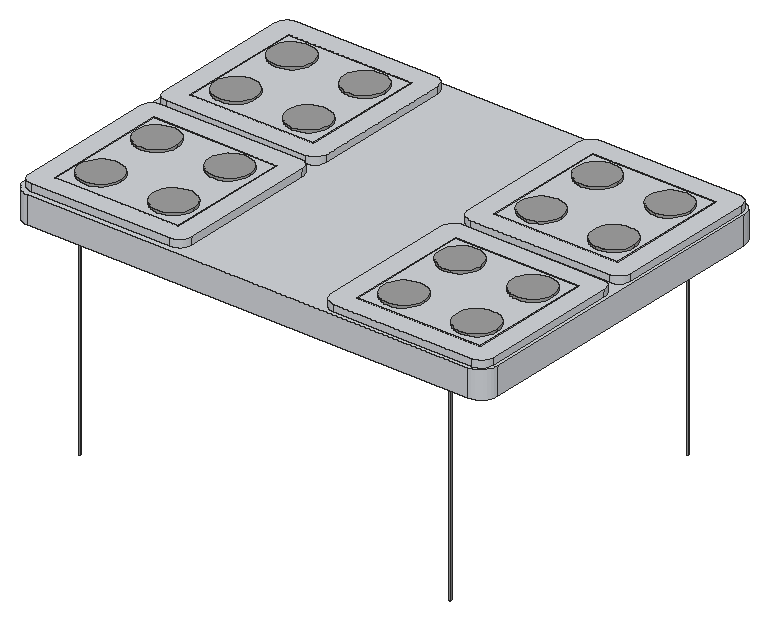
Revit family "Lighting-Industriale-GEWISS-SMART[4]HE_APPARECCHI-LED_4M", category Apparecchi per illuminazione, Revit 2019
Family settings
  Quota connettore circolare = Usa diametro
  Tipo di parte = Normale
  Numero OmniClass = 23.80.70.00
  Titolo OmniClass = Lighting
  Basato su piano di lavoro = Sì
  Sempre verticale = No
  Taglio con vuoti quando caricato = No
  Sorgente d'illuminazione = No
  Condiviso = No
  Punto di calcolo locali = No
Parameters (values of type "GWS4422AQ857 - SMART4HB 4M C.PAS.ON/OFF ELL.57K")
  Voltaggio = 230 V
  Viti esterne = "Acciaio inox"
  Versione file RFA = "20.11"
  Vano di alimentazione = "Integrato"
  URL = "https://www.gewiss.com/it/it"
  Tolleranza cromatica = "SDCM = 3"
  Tipologia sorgente luminosa = "LED - Non sostituibile"
  Tipo di installazione e montaggio = "Plafone - Parete - Sospensione"
  Tipo di apparecchio = "Riflettore industriale a LED&nbsp;"
  Tensione di alimentazione = "220 - 240 V"
  Temperatura di stoccaggio = "-40 +70 °C"
  Temperatura di esercizio = "-30°C ÷ +50 °C"
  Temperatura di colore = "5700K"
  Superficie massima esposta al vento : = "0,350 m²"
  Spostamento_y_etichetta [instance] = 0 mm
  Spostamento_y_effettivo_etichetta [instance] = 1500 mm - Spostamento_y_etichetta  # 1500 mm
  Spostamento_x_etichetta [instance] = 0 mm
  Spostamento_x_effettivo_etichetta [instance] = 1500 mm - Spostamento_x_etichetta  # 1500 mm
  SostituibilitÃ  piastra di cablaggio = "Non sostituibile"
  SostituibilitÃ  gruppo ottico = "Non sostituibile"
  Sistema di controllo : = "ON / OFF"
  Sistema di controllo = "ON / OFF"
  Schermo = "Vetro Temprato Spessore 4mm"
  Scheda Tecnica = "https://www.gewiss.com/it/it/search?q=GWS4422AQ857"
  SEO = "High bay"
  Resistenza al filo incandescente = "850 °C"
  Resistenza agli urti = "IK08"
  Produttore = "GEWISS S.p.A."
  Potenza di sistema = "189W"
  Peso (kg): = "13,5"
  Ottica = "Ellittica"
  Offset etichetta W [instance] = 150 mm
  Norma di riferimento = "EN 60598-1 ; EN 60598-2-1 ; EN 60598-2-24"
  Modello = "GWS4422AQ857"
  Materiali = "-"
  Lumen output (lm) = "25100"
  Lampada = "LED"
  Installazione e manutenzione = "-"
  Informazioni generali = "-"
  Indice di resa cromatica = "CRI-80"
  Inclinazione = "Con accessorio staffa"
  Immagine tipo = GWL1371.jpg
  IPEA = "-"
  IFC.TypeObject = ""
  IFC.ExportType = ""
  IFC.ExportAs = ""
  IDT = "6890b37086db4f8589ec8274e910b374"
  IDF = "bc210c77-d115-4c4c-bbce-3b3f0e3fade9"
  Guarnizioni = "tipo siliconico antinvecchiamento "
  Gruppo ottico = "Riflettore in PC metallizzato e lenti in PMMA"
  Grado di protezione = "IP66"
  Garanzia = "5 anni"
  Gancio di chiusura = "-"
  Frequenza nominale (Hz) = "50/60 Hz"
  Fissaggio = "-"
  Finitura colore = "Grigio RAL 7035"
  Etichetta wattaggio [instance] = yes
  Spessore plafoniera = 40 mm  # constant formula
  Default Elevation = 1219.2 mm
  Proiettsmart4_simb [instance] = yes
  Plafoniera_bidimensionale [instance] = not(Proiettsmart4_simb)  # no
  Efficienza luminosa (lm/W) = "133"
  Durata di vita = "L90B10 (Tq+25°C) = 70.000 h - L90B10 (Tq+50°C) = 35.000 h"
  Dispositivo di protezione = "DM 6kV / CM 6kV"
  Descrizione = "SMART[4]HB 4M C.PAS.ON/OFF ELL.57K"
  Creato da GEWISS S.p.A. = ""
  Corpo = "PA6 “Halogen Free” caricato fibra vetro"
  Controllo abbagliamento e luminanza = "-"
  Contesto = "Illuminazione di industrie e impianti sportivi di grandi dimensioni"
  Commenti sul wattaggio = "194W"
  Colore = "Grigio RAL 7035"
  Codice digitale univoco (Datamatrix) = "Datamatrix"
  Codice Electrocod = "2444"
  Classificazione: = "-"
  Classificazione = Lighting
  Classe isolamento = "I"
  Classe fotobiologica = "RG0"
  Certificazioni e classificazioni = "-"
  Certificazione DIN 18032-3 = "Con Staffa - Kit Funi + morsetto (in approvazione)"
  Catalogo = "LIGHTING"
  Carico apparente = 194 VA
  Lunghezza = 700 mm  # constant formula
  Larghezza = 504 mm  # constant formula
  Distanza_tot_plafoniera [instance] = 300 mm
  Distanza Sorg_Lum = 21.458 mm
  Caratteristiche ottiche e illuminotecniche = "-"
  Caratteristiche elettriche e gestione della luce = "-"
  Cablaggio = "Con connettore stagno Gw connect"
  COBie.Tagnumber = ""
  COBie.CreatedOn = ""
  COBie.CreatebBy = ""
  COBie.ComponentRegisterItemID = ""
  COBie.Component.TagNumber = ""
  COBie.Component.Space = ""
  COBie.Component.SerialNumber = ""
  COBie.Component.InstallationDate = ""
  COBie.Component.Description = ""
  COBie.Component.BarCode = ""
  Applicazione = "Interno"
  Apparecchio a ridotta temperatura superficiale = "Si"
  Alimentatore = "Incluso"
Types (36, lengths in mm): name | Temperatura di colore | Scheda Tecnica | SEO | Ottica | Modello | Lumen output (lm) | IDT | Gruppo ottico | Efficienza luminosa (lm/W) | Descrizione | Controllo abbagliamento e luminanza
  GWS4420AA830 - SMART4HB 4M ST.AL.ON/OFF ARR.30K | "3000K" | "https://www.gewiss.com/it/it/search?q=GWS4420AA830" | "" | "Array" | "GWS4420AA830" | "26700" | "4e0c0e58445f4e6bb806d6fc5e0ac675" | "Riflettore in PC metallizzato" | "141" | "SMART[4]HB 4M ST.AL.ON/OFF ARR.30K" | "UGR - 25"
  GWS4420AA840 - SMART4HB 4M ST.AL.ON/OFF ARR.40K | "4000K" | "https://www.gewiss.com/it/it/search?q=GWS4420AA840" | "" | "Array" | "GWS4420AA840" | "28000" | "eebb22c9028a41cf902ca09310723cf1" | "Riflettore in PC metallizzato" | "148" | "SMART[4]HB 4M ST.AL.ON/OFF ARR.40K" | "UGR - 25"
  GWS4420AA857 - SMART4HB 4M ST.AL.ON/OFF ARR.57K | "5700K" | "https://www.gewiss.com/it/it/search?q=GWS4420AA857" | "" | "Array" | "GWS4420AA857" | "28000" | "97e396ef24f74fc4aa103d35442bb234" | "Riflettore in PC metallizzato" | "148" | "SMART[4]HB 4M ST.AL.ON/OFF ARR.57K" | "UGR - 25"
  GWS4420AC830 - SMART4HB 4M ST.AL.ON/OFF ASI.30K | "3000K" | "https://www.gewiss.com/it/it/search?q=GWS4420AC830" | "High bay" | "Asimmetrica" | "GWS4420AC830" | "23900" | "178c4ecc585c4b079646763e97eabc12" | "Riflettore in PC metallizzato e lenti in PMMA" | "126" | "SMART[4]HB 4M ST.AL.ON/OFF ASI.30K" | "-"
  GWS4420AC840 - SMART4HB 4M ST.AL.ON/OFF ASI.40K | "4000K" | "https://www.gewiss.com/it/it/search?q=GWS4420AC840" | "High bay" | "Asimmetrica" | "GWS4420AC840" | "25100" | "a7922c87939b4761b0b5e7f05192ed32" | "Riflettore in PC metallizzato e lenti in PMMA" | "133" | "SMART[4]HB 4M ST.AL.ON/OFF ASI.40K" | "-"
  GWS4420AC857 - SMART4HB 4M ST.AL.ON/OFF ASI.57K | "5700K" | "https://www.gewiss.com/it/it/search?q=GWS4420AC857" | "High bay" | "Asimmetrica" | "GWS4420AC857" | "25100" | "b0c5ae25ac0848648d162299e4621cb9" | "Riflettore in PC metallizzato e lenti in PMMA" | "133" | "SMART[4]HB 4M ST.AL.ON/OFF ASI.57K" | "-"
  GWS4420AF830 - SMART4HB 4M ST.AL.ON/OFF 30° 30K | "3000K" | "https://www.gewiss.com/it/it/search?q=GWS4420AF830" | "" | "30°" | "GWS4420AF830" | "26400" | "6655a54e95824026a0f280fc267ea869" | "Riflettore in PC metallizzato e lenti in PMMA" | "140" | "SMART[4]HB 4M ST.AL.ON/OFF 30° 30K" | "UGR - 19"
  GWS4420AF840 - SMART4HB 4M ST.AL.ON/OFF 30° 40K | "4000K" | "https://www.gewiss.com/it/it/search?q=GWS4420AF840" | "" | "30°" | "GWS4420AF840" | "27700" | "3f29aacfd3434814921446541a990021" | "Riflettore in PC metallizzato e lenti in PMMA" | "147" | "SMART[4]HB 4M ST.AL.ON/OFF 30° 40K" | "UGR - 19"
  GWS4420AF857 - SMART4HB 4M ST.AL.ON/OFF 30° 57K | "5700K" | "https://www.gewiss.com/it/it/search?q=GWS4420AF857" | "" | "30°" | "GWS4420AF857" | "27700" | "44effba00e624a32b4234a9822825670" | "Riflettore in PC metallizzato e lenti in PMMA" | "147" | "SMART[4]HB 4M ST.AL.ON/OFF 30° 57K" | "UGR - 19"
  GWS4420AH830 - SMART4HB 4M ST.AL.ON/OFF 60° 30K | "3000K" | "https://www.gewiss.com/it/it/search?q=GWS4420AH830" | "" | "60°" | "GWS4420AH830" | "26800" | "03c4418b48b3449b83b7d33f23de3248" | "Riflettore in PC metallizzato e lenti in PMMA" | "142" | "SMART[4]HB 4M ST.AL.ON/OFF 60° 30K" | "UGR - 19"
  GWS4420AH840 - SMART4HB 4M ST.AL.ON/OFF 60° 40K | "4000K" | "https://www.gewiss.com/it/it/search?q=GWS4420AH840" | "" | "60°" | "GWS4420AH840" | "28100" | "a850fd89ff46449a9d2888df6548251b" | "Riflettore in PC metallizzato e lenti in PMMA" | "149" | "SMART[4]HB 4M ST.AL.ON/OFF 60° 40K" | "UGR - 19"
  GWS4420AH857 - SMART4HB 4M ST.AL.ON/OFF 60° 57K | "5700K" | "https://www.gewiss.com/it/it/search?q=GWS4420AH857" | "" | "60°" | "GWS4420AH857" | "28100" | "414549eb60ae4fccbb3a203492c0e55a" | "Riflettore in PC metallizzato e lenti in PMMA" | "149" | "SMART[4]HB 4M ST.AL.ON/OFF 60° 57K" | "UGR - 19"
  GWS4420AP830 - SMART4HB 4M ST.AL.ON/OFF 90° 30K | "3000K" | "https://www.gewiss.com/it/it/search?q=GWS4420AP830" | "" | "90°" | "GWS4420AP830" | "27000" | "d894099a77e94d10b1f8b1f7cb790c2a" | "Riflettore in PC metallizzato e lenti in PMMA" | "143" | "SMART[4]HB 4M ST.AL.ON/OFF 90° 30K" | "UGR - 22"
  GWS4420AP840 - SMART4HB 4M ST.AL.ON/OFF 90° 40K | "4000K" | "https://www.gewiss.com/it/it/search?q=GWS4420AP840" | "" | "90°" | "GWS4420AP840" | "28300" | "076409e97e7848bf9a1e53078dd3edad" | "Riflettore in PC metallizzato e lenti in PMMA" | "150" | "SMART[4]HB 4M ST.AL.ON/OFF 90° 40K" | "UGR - 22"
  GWS4420AP857 - SMART4HB 4M ST.AL.ON/OFF 90° 57K | "5700K" | "https://www.gewiss.com/it/it/search?q=GWS4420AP857" | "" | "90°" | "GWS4420AP857" | "28300" | "b214265a0707411f87f9deee16dd748b" | "Riflettore in PC metallizzato e lenti in PMMA" | "150" | "SMART[4]HB 4M ST.AL.ON/OFF 90° 57K" | "UGR - 22"
  GWS4420AQ830 - SMART4HB 4M ST.AL.ON/OFF ELL.30K | "3000K" | "https://www.gewiss.com/it/it/search?q=GWS4420AQ830" | "High bay" | "Ellittica" | "GWS4420AQ830" | "23900" | "632f0c30782e4cdb9b4834e01ced2926" | "Riflettore in PC metallizzato e lenti in PMMA" | "126" | "SMART[4]HB 4M ST.AL.ON/OFF ELL.30K" | "-"
  GWS4420AQ840 - SMART4HB 4M ST.AL.ON/OFF ELL.40K | "4000K" | "https://www.gewiss.com/it/it/search?q=GWS4420AQ840" | "High bay" | "Ellittica" | "GWS4420AQ840" | "25100" | "5ad67466323843d2ba54d098b13009bb" | "Riflettore in PC metallizzato e lenti in PMMA" | "133" | "SMART[4]HB 4M ST.AL.ON/OFF ELL.40K" | "-"
  GWS4420AQ857 - SMART4HB 4M ST.AL.ON/OFF ELL.57K | "5700K" | "https://www.gewiss.com/it/it/search?q=GWS4420AQ857" | "High bay" | "Ellittica" | "GWS4420AQ857" | "25100" | "027c7ae7cea8486b8bc057b61e3a2ead" | "Riflettore in PC metallizzato e lenti in PMMA" | "133" | "SMART[4]HB 4M ST.AL.ON/OFF ELL.57K" | "-"
  GWS4422AA830 - SMART4HB 4M C.PAS.ON/OFF ARR.30K | "3000K" | "https://www.gewiss.com/it/it/search?q=GWS4422AA830" | "" | "Array" | "GWS4422AA830" | "26700" | "8b22e811133042e980ea909df6ab79f2" | "Riflettore in PC metallizzato" | "141" | "SMART[4]HB 4M C.PAS.ON/OFF ARR.30K" | "UGR - 25"
  GWS4422AA840 - SMART4HB 4M C.PAS.ON/OFF ARR.40K | "4000K" | "https://www.gewiss.com/it/it/search?q=GWS4422AA840" | "" | "Array" | "GWS4422AA840" | "28000" | "8eb0b8cf33b64542a6d7b35aedeaaa66" | "Riflettore in PC metallizzato" | "148" | "SMART[4]HB 4M C.PAS.ON/OFF ARR.40K" | "UGR - 25"
  GWS4422AA857 - SMART4HB 4M C.PAS.ON/OFF ARR.57K | "5700K" | "https://www.gewiss.com/it/it/search?q=GWS4422AA857" | "" | "Array" | "GWS4422AA857" | "28000" | "91e29f6a44ec47b9a16c623736b8568c" | "Riflettore in PC metallizzato" | "148" | "SMART[4]HB 4M C.PAS.ON/OFF ARR.57K" | "UGR - 25"
  GWS4422AC830 - SMART4HB 4M C.PAS.ON/OFF ASI.30K | "3000K" | "https://www.gewiss.com/it/it/search?q=GWS4422AC830" | "High bay" | "Asimmetrica" | "GWS4422AC830" | "23900" | "3142d78ebb1d46dfbab2a70f300f5c55" | "Riflettore in PC metallizzato e lenti in PMMA" | "126" | "SMART[4]HB 4M C.PAS.ON/OFF ASI.30K" | "-"
  GWS4422AC840 - SMART4HB 4M C.PAS.ON/OFF ASI.40K | "4000K" | "https://www.gewiss.com/it/it/search?q=GWS4422AC840" | "High bay" | "Asimmetrica" | "GWS4422AC840" | "25100" | "98647bfbdf4b49c69d0a2e95b1cbf5c7" | "Riflettore in PC metallizzato e lenti in PMMA" | "133" | "SMART[4]HB 4M C.PAS.ON/OFF ASI.40K" | "-"
  GWS4422AC857 - SMART4HB 4M C.PAS.ON/OFF ASI.57K | "5700K" | "https://www.gewiss.com/it/it/search?q=GWS4422AC857" | "High bay" | "Asimmetrica" | "GWS4422AC857" | "25100" | "b8cad932c0fb4ff2a42ce60a6818b90a" | "Riflettore in PC metallizzato e lenti in PMMA" | "133" | "SMART[4]HB 4M C.PAS.ON/OFF ASI.57K" | "-"
  GWS4422AF830 - SMART4HB 4M C.PAS.ON/OFF 30° 30K | "3000K" | "https://www.gewiss.com/it/it/search?q=GWS4422AF830" | "" | "30°" | "GWS4422AF830" | "26400" | "8546d724cfd54ae491da9b9649650b77" | "Riflettore in PC metallizzato e lenti in PMMA" | "140" | "SMART[4]HB 4M C.PAS.ON/OFF 30° 30K" | "UGR - 19"
  GWS4422AF840 - SMART4HB 4M C.PAS.ON/OFF 30° 40K | "4000K" | "https://www.gewiss.com/it/it/search?q=GWS4422AF840" | "" | "30°" | "GWS4422AF840" | "27700" | "95b7538b05304ae78c4854f24e5e2a95" | "Riflettore in PC metallizzato e lenti in PMMA" | "147" | "SMART[4]HB 4M C.PAS.ON/OFF 30° 40K" | "UGR - 19"
  GWS4422AF857 - SMART4HB 4M C.PAS.ON/OFF 30° 57K | "5700K" | "https://www.gewiss.com/it/it/search?q=GWS4422AF857" | "" | "30°" | "GWS4422AF857" | "27700" | "1f2e8678abd84da4a6f1a904af53c362" | "Riflettore in PC metallizzato e lenti in PMMA" | "147" | "SMART[4]HB 4M C.PAS.ON/OFF 30° 57K" | "UGR - 19"
  GWS4422AH830 - SMART4HB 4M C.PAS.ON/OFF 60° 30K | "3000K" | "https://www.gewiss.com/it/it/search?q=GWS4422AH830" | "" | "60°" | "GWS4422AH830" | "26800" | "ac560f6d22e54929b93ddfee17664fda" | "Riflettore in PC metallizzato e lenti in PMMA" | "142" | "SMART[4]HB 4M C.PAS.ON/OFF 60° 30K" | "UGR - 19"
  GWS4422AH840 - SMART4HB 4M C.PAS.ON/OFF 60° 40K | "4000K" | "https://www.gewiss.com/it/it/search?q=GWS4422AH840" | "" | "60°" | "GWS4422AH840" | "28100" | "54a1c7a100534ebc9aca0c4b3dc0a3a5" | "Riflettore in PC metallizzato e lenti in PMMA" | "149" | "SMART[4]HB 4M C.PAS.ON/OFF 60° 40K" | "UGR - 19"
  GWS4422AH857 - SMART4HB 4M C.PAS.ON/OFF 60° 57K | "5700K" | "https://www.gewiss.com/it/it/search?q=GWS4422AH857" | "" | "60°" | "GWS4422AH857" | "28100" | "efeab08673814a45a9bdc8e99e1c43ac" | "Riflettore in PC metallizzato e lenti in PMMA" | "149" | "SMART[4]HB 4M C.PAS.ON/OFF 60° 57K" | "UGR - 19"
  GWS4422AP830 - SMART4HB 4M C.PAS.ON/OFF 90° 30K | "3000K" | "https://www.gewiss.com/it/it/search?q=GWS4422AP830" | "" | "90°" | "GWS4422AP830" | "27000" | "11747a9312a541eaa74cc63dee50071f" | "Riflettore in PC metallizzato e lenti in PMMA" | "143" | "SMART[4]HB 4M C.PAS.ON/OFF 90° 30K" | "UGR - 22"
  GWS4422AP840 - SMART4HB 4M C.PAS.ON/OFF 90° 40K | "4000K" | "https://www.gewiss.com/it/it/search?q=GWS4422AP840" | "" | "90°" | "GWS4422AP840" | "28300" | "00d7957bae114ae484ba73a11ac64616" | "Riflettore in PC metallizzato e lenti in PMMA" | "150" | "SMART[4]HB 4M C.PAS.ON/OFF 90° 40K" | "UGR - 22"
  GWS4422AP857 - SMART4HB 4M C.PAS.ON/OFF 90° 57K | "5700K" | "https://www.gewiss.com/it/it/search?q=GWS4422AP857" | "" | "90°" | "GWS4422AP857" | "28300" | "c8d20ceba3564f6dbf16b44af3ea5822" | "Riflettore in PC metallizzato e lenti in PMMA" | "150" | "SMART[4]HB 4M C.PAS.ON/OFF 90° 57K" | "UGR - 22"
  GWS4422AQ830 - SMART4HB 4M C.PAS.ON/OFF ELL.30K | "3000K" | "https://www.gewiss.com/it/it/search?q=GWS4422AQ830" | "High bay" | "Ellittica" | "GWS4422AQ830" | "23900" | "ccf82dfadbc749248f8995485ed8a5c0" | "Riflettore in PC metallizzato e lenti in PMMA" | "126" | "SMART[4]HB 4M C.PAS.ON/OFF ELL.30K" | "-"
  GWS4422AQ840 - SMART4HB 4M C.PAS.ON/OFF ELL.40K | "4000K" | "https://www.gewiss.com/it/it/search?q=GWS4422AQ840" | "High bay" | "Ellittica" | "GWS4422AQ840" | "25100" | "482facb8de2542279a598528345308d5" | "Riflettore in PC metallizzato e lenti in PMMA" | "133" | "SMART[4]HB 4M C.PAS.ON/OFF ELL.40K" | "-"
  GWS4422AQ857 - SMART4HB 4M C.PAS.ON/OFF ELL.57K | "5700K" | "https://www.gewiss.com/it/it/search?q=GWS4422AQ857" | "High bay" | "Ellittica" | "GWS4422AQ857" | "25100" | "6890b37086db4f8589ec8274e910b374" | "Riflettore in PC metallizzato e lenti in PMMA" | "133" | "SMART[4]HB 4M C.PAS.ON/OFF ELL.57K" | "-"
Reference planes
  plane 1 "Asse sorgente illuminazione (F/B)": y = 0
  plane 2 "2": z = 0
  plane 3 "Asse sorgente illuminazione (L/R)": x = 0
  plane 4 "Prospetto sorgente di illuminazione": z = 1500
  plane 5: x = -350
  plane 6: y = 252
  plane 7: x = 350
  plane 8: y = -252
  plane 9: x = 345
  plane 10: x = -345
  plane 11: x = -104.5
  plane 12: x = 104.5
  plane 13: y = 0
  plane 14: y = -1500
  plane 15: z = 300
  plane 16: z = 340
  plane 17: z = 350
  plane 18: x = -1500
  plane 19: x = 0
  plane 20: y = 0
Dimensions and locks
  equal spacing: plane 6, plane 1 "Asse sorgente illuminazione (F/B)", plane 8
  "Larghezza": plane 6 to plane 8
  equal spacing: plane 5, plane 3 "Asse sorgente illuminazione (L/R)", plane 7
  "Lunghezza": plane 5 to plane 7
  locked: plane 5 to plane 10 at 5
  locked: plane 9 to plane 7 at 5
  locked: plane 16 to plane 15 at 40
  plane 17 to plane 16 = 10 mm
  "Distanza_tot_plafoniera": plane 15 to plane 2 "2"
  plane 18 to plane 3 "Asse sorgente illuminazione (L/R)" = 1500 mm
  plane 1 "Asse sorgente illuminazione (F/B)" to plane 14 = 1500 mm
  "Spostamento_y_effettivo_etichetta": plane 20 to plane 14
  "Spostamento_x_effettivo_etichetta": plane 18 to plane 19
  aligned and locked: level to plane 2 "2"
  aligned and locked: plane 5 to nested 1
  aligned and locked: plane 6 to nested 1
  aligned and locked: plane 9 to nested 2  (x2)
  aligned and locked: plane 10 to nested 12
  aligned and locked: nested 1 to plane 15
  aligned and locked: nested 17 to plane 16
  aligned and locked: plane 16 to nested 12
  aligned and locked: plane 16 to nested 7
  aligned and locked: nested 2 to plane 16
  aligned and locked: plane 17 to nested 19
  aligned and locked: nested 21 to plane 17
  aligned and locked: plane 17 to nested 16
  aligned and locked: nested 14 to plane 17
  aligned and locked: plane 17 to nested 18
  aligned and locked: nested 20 to plane 17
  aligned and locked: plane 17 to nested 15
  aligned and locked: nested 13 to plane 17
  aligned and locked: nested 8 to plane 17
  aligned and locked: plane 17 to nested 10
  aligned and locked: nested 5 to plane 17
  aligned and locked: plane 17 to nested 3
  aligned and locked: nested 9 to plane 17
  aligned and locked: plane 17 to nested 11
  aligned and locked: nested 6 to plane 17
  aligned and locked: plane 17 to nested 4
  aligned and locked: nested 22 to plane 2 "2"
  aligned and locked: nested 23 to plane 2 "2"
  aligned and locked: nested 24 to plane 2 "2"
  aligned and locked: nested 25 to plane 2 "2"
  aligned and locked: nested 28 to plane 20
  aligned and locked: nested 28 to plane 19
Nested families
  nested 1: "Struttura_SMART 4" at (0, 0, 340), type "SMART 4 HB - 4 x 4L"
  nested 2: "mascherina_SMART (4)" at (225, 127, 350), type "Maschera_smart (4) 4L", detail levels fine
  nested 3: "Gewis - Led" at (172.217, 179, 353), type "Gewis - Led", detail levels medium+fine
  nested 4: "Gewis - Led" at (280, 179, 353), type "Gewis - Led", detail levels medium+fine
  nested 5: "Gewis - Led" at (172.217, 75, 353), type "Gewis - Led", detail levels medium+fine
  nested 6: "Gewis - Led" at (280, 75, 353), type "Gewis - Led", detail levels medium+fine
  nested 7: "mascherina_SMART (4)" at (225, -127, 350), type "Maschera_smart (4) 4L", detail levels fine
  nested 8: "Gewis - Led" at (172.217, -179, 353), type "Gewis - Led", detail levels medium+fine
  nested 9: "Gewis - Led" at (280, -179, 353), type "Gewis - Led", detail levels medium+fine
  nested 10: "Gewis - Led" at (172.217, -75, 353), type "Gewis - Led", detail levels medium+fine
  nested 11: "Gewis - Led" at (280, -75, 353), type "Gewis - Led", detail levels medium+fine
  nested 12: "mascherina_SMART (4)" at (-225, 127, 350) x (-1, 0, 0) z (0, 0, 1), type "Maschera_smart (4) 4L", detail levels fine
  nested 13: "Gewis - Led" at (-172.217, 179, 353) x (-1, 0, 0) z (0, 0, 1), type "Gewis - Led", detail levels medium+fine
  nested 14: "Gewis - Led" at (-280, 179, 353) x (-1, 0, 0) z (0, 0, 1), type "Gewis - Led", detail levels medium+fine
  nested 15: "Gewis - Led" at (-172.217, 75, 353) x (-1, 0, 0) z (0, 0, 1), type "Gewis - Led", detail levels medium+fine
  nested 16: "Gewis - Led" at (-280, 75, 353) x (-1, 0, 0) z (0, 0, 1), type "Gewis - Led", detail levels medium+fine
  nested 17: "mascherina_SMART (4)" at (-225, -123, 350) x (-1, 0, 0) z (0, 0, 1), type "Maschera_smart (4) 4L", detail levels fine
  nested 18: "Gewis - Led" at (-172.217, -175, 353) x (-1, 0, 0) z (0, 0, 1), type "Gewis - Led", detail levels medium+fine
  nested 19: "Gewis - Led" at (-280, -175, 353) x (-1, 0, 0) z (0, 0, 1), type "Gewis - Led", detail levels medium+fine
  nested 20: "Gewis - Led" at (-172.217, -71, 353) x (-1, 0, 0) z (0, 0, 1), type "Gewis - Led", detail levels medium+fine
  nested 21: "Gewis - Led" at (-280, -71, 353) x (-1, 0, 0) z (0, 0, 1), type "Gewis - Led", detail levels medium+fine
  nested 22: "Sospensione_ SMART LAB 4" at (274.338, -220.687, 0), Altezza sospensione <- "Distanza_tot_plafoniera", type "Sospensione_ SMART LAB 4"
    with Altezza sospensione 300 mm
  nested 23: "Sospensione_ SMART LAB 4" at (274.338, 219.313, 0), Altezza sospensione <- "Distanza_tot_plafoniera", type "Sospensione_ SMART LAB 4"
    with Altezza sospensione 300 mm
  nested 24: "Sospensione_ SMART LAB 4" at (-274.338, -220.687, 0), Altezza sospensione <- "Distanza_tot_plafoniera", type "Sospensione_ SMART LAB 4"
    with Altezza sospensione 300 mm
  nested 25: "Sospensione_ SMART LAB 4" at (-274.338, 219.313, 0), Altezza sospensione <- "Distanza_tot_plafoniera", type "Sospensione_ SMART LAB 4"
    with Altezza sospensione 300 mm
  nested 26: "Rappr_ bidimensionale" at (0, 0, 0), visible <- "Plafoniera_bidimensionale", type "4 X4 LED"
  nested 27: "PROIETTSMART - 4" at (0, 0, 0), visible <- "Proiettsmart4_simb", type "PROIETTSMART - 4"
  nested 28: "ETICHETTA LIGHT" at (0, 0, 0), type "ETICHETTA LIGHT"
Connectors
  electrical at (0.009, -0.098, 300), driven by "Classificazione", driven by "Carico apparente"
    settings: on nested 1, index 1, voltage 230 V, apparent load 0 VA, apparent load phase1 194 VA, apparent load phase2 0 VA, apparent load phase3 0 VA, power factor 1, load classification "Lighting", number of poles 2, system type 31, power factor state 1, is connector primary yes, connector utility no, sub classification motor no, connector description ""
Definition of nested family "Struttura_SMART 4"
  Parameters (values of type "SMART 4 HB - 4 x 4L")
    Struttura plafoniera = none
    Spessore_plafoniera = 40 mm
    Lunghezza = 700 mm
    Larghezza = 504 mm
  Types (2, lengths in mm): name | Lunghezza | Larghezza
    SMART 4 HB - 4+4L | 699 | 254
    SMART 4 HB - 4 x 4L | 700 | 504
  Reference planes
    plane 1 "Asse sorgente illuminazione (F/B)": y = 0
    plane 2: z = 0
    plane 3 "Asse sorgente illuminazione (L/R)": x = 0
    plane 4 "Prospetto sorgente di illuminazione": z = -40
    plane 5 "SX": x = -350
    plane 6 "DX": x = 350
    plane 7 "DIETRO": y = 252
    plane 8 "AVANTI": y = -252
    plane 9: x = 107
    plane 10: x = 339
    plane 11: y = -241
    plane 12: y = 241
    plane 13: x = -339
    plane 14: x = -107
  Forms (mm)
    Extrusion 1, solid, material <- "Struttura plafoniera"
      sketch origin (0, 0, 0) x (1, 0, 0) y (0, 1, 0)
        loop
          line (350, -227.595) -> (350, 227.59)
          arc (350, 227.59) -> (342.85, 244.85) -> (325.59, 252) r 24.41
          line (325.59, 252) -> (-325.509, 252)
          arc (-325.509, 252) -> (-343.054, 244.6) -> (-350, 226.871) r 24.499
          line (-350, 226.871) -> (-350, -227.592)
          arc (-350, -227.592) -> (-342.851, -244.851) -> (-325.592, -252) r 24.408
          line (-325.592, -252) -> (325.617, -252)
          arc (325.617, -252) -> (342.834, -244.868) -> (349.965, -227.652) r 24.348
      from -40 to 0
  Dimensions and locks
    equal spacing: plane 5 "SX", plane 3 "Asse sorgente illuminazione (L/R)", plane 6 "DX"
    equal spacing: plane 7 "DIETRO", plane 1 "Asse sorgente illuminazione (F/B)", plane 8 "AVANTI"
    "Lunghezza": plane 5 "SX" to plane 6 "DX"
    "Larghezza": plane 7 "DIETRO" to plane 8 "AVANTI"
    locked: plane 7 "DIETRO" to plane 12 at 11
    locked: plane 11 to plane 8 "AVANTI" at 11
    locked: plane 10 to plane 6 "DX" at 11
    locked: plane 9 to plane 10 at 232
    plane 13 to plane 14 = 232 mm
    locked: plane 5 "SX" to plane 13 at 11
    "Spessore_plafoniera": plane 2 to plane 4 "Prospetto sorgente di illuminazione"
    aligned and locked: level to plane 2
    aligned and locked: Extrusion 1 to plane 5 "SX"
    aligned and locked: Extrusion 1 to plane 8 "AVANTI"  (x2)
    aligned and locked: plane 7 "DIETRO" to Extrusion 1
    aligned and locked: plane 6 "DX" to Extrusion 1
    aligned and locked: plane 4 "Prospetto sorgente di illuminazione" to Extrusion 1
    aligned and locked: plane 2 to Extrusion 1
  Automatic sketch dimensions
    Extrusion 1 sketch curve to plane 5 "SX" = 0 mm
    Extrusion 1 sketch curve to plane 8 "AVANTI" = 0 mm
    Extrusion 1 sketch curve to plane 7 "DIETRO" = 0 mm
    Extrusion 1 sketch curve to plane 6 "DX" = 0 mm
    plane 13 to Extrusion 1 sketch curve = 13.408 mm
    plane 13 to Extrusion 1 sketch curve = 13.491 mm
    Extrusion 1 sketch curve to plane 10 = 13.41 mm
    Extrusion 1 sketch curve to plane 10 = 13.383 mm
    plane 11 to Extrusion 1 sketch curve = 13.348 mm
    Extrusion 1 sketch curve to plane 12 = 14.129 mm
    Extrusion 1 sketch curve to Extrusion 1 sketch curve = 0.056 mm
Definition of nested family "mascherina_SMART (4)"
  Parameters (values of type "Maschera_smart (4) 4L")
    Spessore_mascherina = 10 mm
    Default Elevation = 1219.2 mm
    N.intarsi = (Lunghezza_mascherina - (Bordo * 2)) / 15 mm  # 12
    N._intarsi verticale = (Larghezza_mascherina - (Bordo * 2)) / 17 mm  # 11
    Mascherina = none
    Lunghezza_mascherina = 240 mm
    Larghezza_mascherina = 240 mm
    Distanza_intarsi v. = 41 mm  # constant formula
    Distanza_intarsi = 37 mm  # constant formula
    Bordo = 29 mm
  Reference planes
    plane 1 "Centro (Fronte/Retro)": y = 0
    plane 2: z = 0
    plane 3 "Centro (Sinistra/Destra)": x = 0
    plane 4: x = -120
    plane 5 "Dietro": y = 120
    plane 6: x = 120
    plane 7: y = -120
    plane 8: x = -91
    plane 9: y = -91
    plane 10: x = 91
    plane 11: y = 91
    plane 12: x = -83
    plane 13: y = 94.742
    plane 14: y = -95
    plane 15: z = -10
    plane 16: x = -95
    plane 17: y = 79
    plane 18: y = -79
    plane 19: x = 95
    plane 20: z = -4.799
  Forms (mm)
    Extrusion 1, solid, material <- "Mascherina"
      sketch origin (0, 0, 0) x (1, 0, 0) y (0, 1, 0)
        loop
          arc (-102.5, 120) -> (-114.874, 114.874) -> (-120, 102.5) r 17.5
          line (-120, 102.5) -> (-120, -102.5)
          arc (-120, -102.5) -> (-114.874, -114.874) -> (-102.5, -120) r 17.5
          line (-102.5, -120) -> (102.5, -120)
          arc (102.5, -120) -> (114.874, -114.874) -> (120, -102.5) r 17.5
          line (120, -102.5) -> (120, 102.5)
          arc (120, 102.5) -> (114.874, 114.874) -> (102.5, 120) r 17.5
          line (102.5, 120) -> (-102.5, 120)
        loop
          line (-91, 91) -> (-91, -91) -> (91, -91) -> (91, 91) -> (-91, 91)
      from -10 to 0
    Extrusion 2, solid, material <- "Mascherina"
      sketch origin (0, 0, 0) x (1, 0, 0) y (0, 1, 0)
        loop
          line (-91, 91) -> (-91, -91) -> (91, -91) -> (91, 91) -> (-91, 91)
      from -4.799 to 0
  Dimensions and locks
    equal spacing: plane 4, plane 3 "Centro (Sinistra/Destra)", plane 6
    "Lunghezza_mascherina": plane 4 to plane 6
    equal spacing: plane 5 "Dietro", plane 1 "Centro (Fronte/Retro)", plane 7
    "Larghezza_mascherina": plane 5 "Dietro" to plane 7
    "Bordo": plane 4 to plane 8
    "Bordo": plane 9 to plane 7
    "Bordo": plane 5 "Dietro" to plane 11
    "Bordo": plane 10 to plane 6
    "Distanza_intarsi": plane 4 to plane 12
    locked: plane 13 to plane 11 at 3.742
    "Spessore_mascherina": plane 2 to plane 15
    "Distanza_intarsi v.": plane 5 "Dietro" to plane 17
    "Distanza_intarsi v.": plane 18 to plane 7
    locked: plane 9 to plane 14 at 4
    locked: plane 16 to plane 8 at 4
    locked: plane 10 to plane 19 at 4
    locked: plane 2 to plane 20 at 4.799
    radius of Extrusion 1 sketch curve = 17.5 mm  (x4)
    aligned and locked: level to plane 2
    aligned and locked: plane 4 to Extrusion 1 sketch curve
    aligned and locked: plane 6 to Extrusion 1 sketch curve
    aligned and locked: Extrusion 1 sketch curve to plane 5 "Dietro"
    aligned and locked: Extrusion 1 sketch curve to plane 7
    aligned and locked: Extrusion 1 sketch curve to plane 11
    aligned and locked: plane 8 to Extrusion 1 sketch curve
    aligned and locked: plane 9 to Extrusion 1 sketch curve
    aligned and locked: Extrusion 1 sketch curve to plane 10
    aligned and locked: plane 2 to Extrusion 1
    aligned and locked: Extrusion 1 to plane 15
    aligned and locked: Extrusion 2 sketch curve to plane 10
    aligned and locked: plane 9 to Extrusion 2 sketch curve
    aligned and locked: plane 8 to Extrusion 2 sketch curve
    aligned and locked: Extrusion 2 sketch curve to plane 11
    aligned and locked: plane 2 to Extrusion 2
    aligned and locked: Extrusion 2 to plane 20
Definition of nested family "Gewis - Led"
  Parameters (values of type "Gewis - Led")
    Vetro = none
    Raggio led = 30 mm
    Default Elevation = 1219.2 mm
    Estensione vetro = 3 mm
  Reference planes
    plane 1 "Centro (Fronte/Retro)": y = 0
    plane 2: z = 0
    plane 3 "Centro (Sinistra/Destra)": x = 0
  Forms (mm)
    Extrusion 1, solid, material <- "Vetro"
      sketch origin (0, 0, 0) x (1, 0, 0) y (0, 1, 0)
        loop
          circle (0, 0) r 30
      from -3 to 0
  Dimensions and locks
    "Estensione vetro": level to Extrusion 1
    "Raggio led": radius of Extrusion 1 sketch curve
    aligned and locked: level to plane 2
    aligned and locked: level to Extrusion 1
  Automatic sketch dimensions
    plane 1 "Centro (Fronte/Retro)" to Extrusion 1 sketch curve = 0 mm
    Extrusion 1 sketch curve to plane 3 "Centro (Sinistra/Destra)" = 0 mm
Definition of nested family "Sospensione_ SMART LAB 4"
  Parameters (values of type "Sospensione_ SMART LAB 4")
    Default Elevation = 1219.2 mm
    Altezza sospensione [instance] = 500 mm
  Reference planes
    plane 1 "Center (Front/Back)": y = 0
    plane 2: z = 0
    plane 3 "Center (Left/Right)": x = 0
    plane 4: z = 500
  Forms (mm)
    Extrusion 1, solid
      sketch origin (0, 0, 0) x (1, 0, 0) y (0, 1, 0)
        loop
          circle (0, -0.028) r 1.25
      from 0 to 500
  Lines and regions (mm)
    model lines, not visible
      curve 1: line (0, 0, 0) -> (0, 0, 9.482)
  Dimensions and locks
    "Altezza sospensione": plane 4 to level
    plane 4 to plane 2 = 500 mm
    aligned and locked: level to plane 2
    aligned and locked: plane 4 to Extrusion 1
    aligned and locked: Extrusion 1 to plane 2
  Automatic sketch dimensions
    Extrusion 1 sketch curve to plane 3 "Center (Left/Right)" = 0 mm
    plane 1 "Center (Front/Back)" to Extrusion 1 sketch curve = 0.028 mm
    curve 1 to plane 3 "Center (Left/Right)" = 0 mm
    curve 1 to level = 0 mm
    curve 1 to curve 1 = 9.482 mm
    radius of Extrusion 1 sketch curve = 1.25 mm
Definition of nested family "Rappr_ bidimensionale"
  Parameters (values of type "4 X4 LED")
    5 LED = no
    4 LED = not([5 LED])  # yes
  Reference planes
    plane 1 "Centro (Fronte/Retro)": y = 0
    plane 2: z = 0
    plane 3 "Centro (Sinistra/Destra)": x = 0
  Lines and regions (mm)
    model lines, in view "Livello rif.", visible <- "4 LED"
      curve 1: circle (176.124, 171.566, 0) r 28.619 normal (0, 0, 1)
      curve 2: circle (270.124, 77.566, 0) r 28.619 normal (0, 0, 1)
      curve 3: circle (176.124, 77.566, 0) r 28.619 normal (0, 0, 1)
      curve 4: circle (270.124, 171.566, 0) r 28.619 normal (0, 0, 1)
      curve 5: circle (-175.025, 77.434, 0) r 28.619 normal (0, 0, 1)
      curve 6: circle (-269.025, 171.434, 0) r 28.619 normal (0, 0, 1)
      curve 7: circle (-175.025, 171.434, 0) r 28.619 normal (0, 0, 1)
      curve 8: circle (-269.025, 77.434, 0) r 28.619 normal (0, 0, 1)
      curve 9: circle (-175.025, -171.611, 0) r 28.619 normal (0, 0, 1)
      curve 10: circle (-269.025, -77.611, 0) r 28.619 normal (0, 0, 1)
      curve 11: circle (-175.025, -77.611, 0) r 28.619 normal (0, 0, 1)
      curve 12: circle (-269.025, -171.611, 0) r 28.619 normal (0, 0, 1)
      curve 13: circle (176.124, -77.434, 0) r 28.619 normal (0, 0, 1)
      curve 14: circle (270.124, -171.434, 0) r 28.619 normal (0, 0, 1)
      curve 15: circle (176.124, -171.434, 0) r 28.619 normal (0, 0, 1)
      curve 16: circle (270.124, -77.434, 0) r 28.619 normal (0, 0, 1)
    model lines, in view "Livello rif."
      curve 17: arc (-326.07, 251.865, 0) -> (-342.562, 245.006, 0) -> (-349.39, 228.5, 0) r 23.365
      curve 18: arc (350.489, 228.546, 0) -> (343.613, 245.054, 0) -> (327.079, 251.865, 0) r 23.365
      curve 19: arc (327.098, -251.865, 0) -> (343.653, -245.015, 0) -> (350.489, -228.454, 0) r 23.365
      curve 20: arc (-349.39, -228.5, 0) -> (-342.555, -245.013, 0) -> (-326.05, -251.865, 0) r 23.365
      curve 21: arc (-102.728, -20.5, 0) -> (-107.214, -9.678, 0) -> (-118.041, -5.203, 0) r 15.297
      curve 22: arc (-118.041, 5.203, 0) -> (-107.214, 9.678, 0) -> (-102.728, 20.5, 0) r 15.297
      curve 23: arc (-118.041, -243.797, 0) -> (-107.214, -239.322, 0) -> (-102.728, -228.5, 0) r 15.297
      curve 24: arc (327.107, 5.203, 0) -> (337.947, 9.69, 0) -> (342.421, 20.535, 0) r 15.297
      curve 25: arc (103.827, 20.465, 0) -> (108.314, 9.677, 0) -> (119.107, 5.203, 0) r 15.297
      curve 26: arc (119.089, 243.797, 0) -> (108.308, 239.316, 0) -> (103.827, 228.535, 0) r 15.297
      curve 27: arc (342.421, 228.535, 0) -> (337.916, 239.341, 0) -> (327.089, 243.797, 0) r 15.297
      curve 28: arc (-341.321, 20.535, 0) -> (-336.859, 9.702, 0) -> (-326.041, 5.203, 0) r 15.297
      curve 29: arc (-326.059, 243.797, 0) -> (-336.865, 239.292, 0) -> (-341.321, 228.465, 0) r 15.297
      curve 30: arc (-102.728, 228.5, 0) -> (-107.22, 239.329, 0) -> (-118.059, 243.797, 0) r 15.297
      curve 31: arc (342.421, -20.465, 0) -> (337.922, -9.666, 0) -> (327.107, -5.203, 0) r 15.297
      curve 32: arc (327.107, -243.797, 0) -> (337.947, -239.31, 0) -> (342.421, -228.465, 0) r 15.297
      curve 33: arc (103.827, -228.535, 0) -> (108.314, -239.323, 0) -> (119.107, -243.797, 0) r 15.297
      curve 34: arc (119.107, -5.203, 0) -> (108.314, -9.677, 0) -> (103.827, -20.465, 0) r 15.297
      curve 35: arc (-341.321, -228.465, 0) -> (-336.859, -239.298, 0) -> (-326.041, -243.797, 0) r 15.297
      curve 36: arc (-326.041, -5.203, 0) -> (-336.859, -9.702, 0) -> (-341.321, -20.535, 0) r 15.297
      curve 37: line (130.624, 32, 0) -> (130.624, 217, 0)
      curve 38: line (130.624, 217, 0) -> (315.624, 217, 0)
      curve 39: line (315.624, 217, 0) -> (315.624, 32, 0)
      curve 40: line (315.624, 32, 0) -> (130.624, 32, 0)
      curve 41: line (-129.525, 32, 0) -> (-314.525, 32, 0)
      curve 42: line (-314.525, 32, 0) -> (-314.525, 217, 0)
      curve 43: line (-314.525, 217, 0) -> (-129.525, 217, 0)
      curve 44: line (-129.525, 217, 0) -> (-129.525, 32, 0)
      curve 45: line (-129.525, -217.045, 0) -> (-314.525, -217.045, 0)
      curve 46: line (-314.525, -217.045, 0) -> (-314.525, -32.045, 0)
      curve 47: line (-314.525, -32.045, 0) -> (-129.525, -32.045, 0)
      curve 48: line (-129.525, -32.045, 0) -> (-129.525, -217.045, 0)
      curve 49: line (130.624, -217, 0) -> (130.624, -32, 0)
      curve 50: line (130.624, -32, 0) -> (315.624, -32, 0)
      curve 51: line (315.624, -32, 0) -> (315.624, -217, 0)
      curve 52: line (315.624, -217, 0) -> (130.624, -217, 0)
      curve 53: line (-349.39, 228.5, 0) -> (-349.39, -228.5, 0)
      curve 54: line (327.079, 251.865, 0) -> (-326.07, 251.865, 0)
      curve 55: line (350.489, -228.454, 0) -> (350.489, 228.546, 0)
      curve 56: line (327.098, -251.865, 0) -> (-326.05, -251.865, 0)
      curve 57: line (-102.728, -228.5, 0) -> (-102.728, -20.5, 0)
      curve 58: line (-326.041, -5.203, 0) -> (-118.041, -5.203, 0)
      curve 59: line (-102.728, 20.5, 0) -> (-102.728, 228.5, 0)
      curve 60: line (-326.041, 5.203, 0) -> (-118.041, 5.203, 0)
      curve 61: line (119.107, 5.203, 0) -> (327.107, 5.203, 0)
      curve 62: line (103.827, 20.465, 0) -> (103.827, 228.535, 0)
      curve 63: line (119.089, 243.797, 0) -> (327.089, 243.797, 0)
      curve 64: line (342.421, 20.535, 0) -> (342.421, 228.535, 0)
      curve 65: line (-341.321, 20.535, 0) -> (-341.321, 228.465, 0)
      curve 66: line (-326.059, 243.797, 0) -> (-118.059, 243.797, 0)
      curve 67: line (119.107, -5.203, 0) -> (327.107, -5.203, 0)
      curve 68: line (342.421, -228.465, 0) -> (342.421, -20.465, 0)
      curve 69: line (119.107, -243.797, 0) -> (327.107, -243.797, 0)
      curve 70: line (103.827, -228.535, 0) -> (103.827, -20.465, 0)
      curve 71: line (-326.041, -243.797, 0) -> (-118.041, -243.797, 0)
      curve 72: line (-341.321, -228.465, 0) -> (-341.321, -20.535, 0)
    detail lines, in view "Livello rif.", visible <- "5 LED"
      curve 73: circle (-223.979, 122.48, 0) r 28.619 normal (0, 0, 1)
      curve 74: circle (-175.025, 77.434, 0) r 28.619 normal (0, 0, 1)
      curve 75: circle (-269.025, 171.434, 0) r 28.619 normal (0, 0, 1)
      curve 76: circle (-175.025, 171.434, 0) r 28.619 normal (0, 0, 1)
      curve 77: circle (-269.025, 77.434, 0) r 28.619 normal (0, 0, 1)
      curve 78: circle (176.124, 171.566, 0) r 28.619 normal (0, 0, 1)
      curve 79: circle (270.124, 77.566, 0) r 28.619 normal (0, 0, 1)
      curve 80: circle (176.124, 77.566, 0) r 28.619 normal (0, 0, 1)
      curve 81: circle (270.124, 171.566, 0) r 28.619 normal (0, 0, 1)
      curve 82: circle (-175.025, -171.611, 0) r 28.619 normal (0, 0, 1)
      curve 83: circle (-269.025, -77.611, 0) r 28.619 normal (0, 0, 1)
      curve 84: circle (-175.025, -77.611, 0) r 28.619 normal (0, 0, 1)
      curve 85: circle (-269.025, -171.611, 0) r 28.619 normal (0, 0, 1)
      curve 86: circle (176.124, -77.434, 0) r 28.619 normal (0, 0, 1)
      curve 87: circle (270.124, -171.434, 0) r 28.619 normal (0, 0, 1)
      curve 88: circle (176.124, -171.434, 0) r 28.619 normal (0, 0, 1)
      curve 89: circle (270.124, -77.434, 0) r 28.619 normal (0, 0, 1)
      curve 90: circle (-221.479, -125.02, 0) r 28.619 normal (0, 0, 1)
      curve 91: circle (221.694, -125.02, 0) r 28.619 normal (0, 0, 1)
      curve 92: circle (221.694, 124.956, 0) r 28.619 normal (0, 0, 1)
Definition of nested family "PROIETTSMART - 4"
  Reference planes
    plane 1 "Centro (Fronte/Retro)": y = 0
    plane 2: z = 0
    plane 3 "Centro (Sinistra/Destra)": x = 0
  Lines and regions (mm)
    model lines, in view "Livello rif."
      curve 1: line (134.982, -122.65, 0) -> (68.521, -89.561, 0)
      curve 2: line (68.521, -89.561, 0) -> (134.982, -56.075, 0)
      curve 3: line (134.982, -56.075, 0) -> (134.982, -122.65, 0)
      curve 4: line (68.521, -56.274, 0) -> (68.521, -122.849, 0)
      curve 5: line (68.521, -89.561, 0) -> (29.658, -89.561, 0)
      curve 6: line (134.982, -89.362, 0) -> (163.679, -89.362, 0)
      curve 7: line (198.934, -192.237, 0) -> (-201.066, -192.237, 0)
      curve 8: line (19.872, -13.139, 0) -> (172.718, -13.139, 0)
      curve 9: line (172.718, -13.139, 0) -> (172.718, -165.984, 0)
      curve 10: line (172.718, -165.984, 0) -> (19.872, -165.984, 0)
      curve 11: line (19.872, -165.984, 0) -> (19.872, -13.139, 0)
      curve 12: line (-59.74, -122.65, 0) -> (-126.201, -89.561, 0)
      curve 13: line (-126.201, -89.561, 0) -> (-59.74, -56.075, 0)
      curve 14: line (-59.74, -56.075, 0) -> (-59.74, -122.65, 0)
      curve 15: line (-126.201, -56.274, 0) -> (-126.201, -122.849, 0)
      curve 16: line (-126.201, -89.561, 0) -> (-165.064, -89.561, 0)
      curve 17: line (-59.74, -89.362, 0) -> (-31.043, -89.362, 0)
      curve 18: line (-174.85, -13.139, 0) -> (-22.005, -13.139, 0)
      curve 19: line (-22.005, -13.139, 0) -> (-22.005, -165.984, 0)
      curve 20: line (-22.005, -165.984, 0) -> (-174.85, -165.984, 0)
      curve 21: line (-174.85, -165.984, 0) -> (-174.85, -13.139, 0)
      curve 22: line (134.982, 56.449, 0) -> (68.521, 89.537, 0)
      curve 23: line (68.521, 89.537, 0) -> (134.982, 123.023, 0)
      curve 24: line (134.982, 123.023, 0) -> (134.982, 56.449, 0)
      curve 25: line (68.521, 122.824, 0) -> (68.521, 56.25, 0)
      curve 26: line (68.521, 89.537, 0) -> (29.658, 89.537, 0)
      curve 27: line (134.982, 89.736, 0) -> (163.679, 89.736, 0)
      curve 28: line (19.872, 165.96, 0) -> (172.718, 165.96, 0)
      curve 29: line (172.718, 165.96, 0) -> (172.718, 13.114, 0)
      curve 30: line (172.718, 13.114, 0) -> (19.872, 13.114, 0)
      curve 31: line (19.872, 13.114, 0) -> (19.872, 165.96, 0)
      curve 32: line (198.934, -192.237, 0) -> (198.934, 192.237, 0)
      curve 33: line (198.934, 192.237, 0) -> (-201.066, 192.237, 0)
      curve 34: line (-201.066, 192.237, 0) -> (-201.066, -192.237, 0)
      curve 35: line (-59.74, 56.449, 0) -> (-126.201, 89.537, 0)
      curve 36: line (-126.201, 89.537, 0) -> (-59.74, 123.023, 0)
      curve 37: line (-59.74, 123.023, 0) -> (-59.74, 56.449, 0)
      curve 38: line (-126.201, 122.824, 0) -> (-126.201, 56.25, 0)
      curve 39: line (-126.201, 89.537, 0) -> (-165.064, 89.537, 0)
      curve 40: line (-59.74, 89.736, 0) -> (-31.043, 89.736, 0)
      curve 41: line (-174.85, 165.96, 0) -> (-22.005, 165.96, 0)
      curve 42: line (-22.005, 165.96, 0) -> (-22.005, 13.114, 0)
      curve 43: line (-22.005, 13.114, 0) -> (-174.85, 13.114, 0)
      curve 44: line (-174.85, 13.114, 0) -> (-174.85, 165.96, 0)
Definition of nested family "ETICHETTA LIGHT"
  Parameters (values of type "ETICHETTA LIGHT")
    COMMENTI = "236W"
  Reference planes
    plane 1: y = 0
    plane 2: x = 0
  Text (mm)
    label "COMMENTI" at (-0.057, 0.105, 0), shows "COMMENTI"
